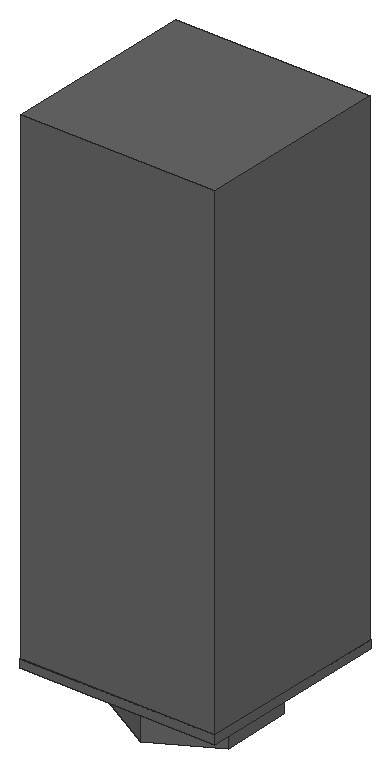
Revit family "LTC-4SQD-S", category Lighting Fixtures, host Face, Revit 2017
Family settings
  Host = Face
  Round Connector Dimension = Use Diameter
  Part Type = Normal
  OmniClass Number = 23.80.70.11.14.11
  OmniClass Title = Downlights
  Cut with Voids When Loaded = No
  Light Source = Yes
  Shared = Yes
  Room Calculation Point = No
Parameters (values of type "LTC-4SQD-S")
  Width = 5.57813"
  Wattage Comments = "8-25"  # constant formula
  Wattage = 25 W
  built-in parameter 1150110 = 1 (stored number, unit not read)
  Voltage = if(Is 120V, 120 V, 277 V)  # 120 V
  URL = "https://www.hubbell.com/prescolite/en"
  Type Comments = "Light Fxiture"  # constant formula
  built-in parameter 1114217 = 1 (stored number, unit not read)
  Tilt Angle = -90.00°
  built-in parameter 1150109 = 1 (stored number, unit not read)
  built-in parameter 1150134 = (empty or 0)
  built-in parameter 1150113 = 1 (stored number, unit not read)
  Reflector Finish = Paint - Hubbell - Carbon Black
  Recessed Canopy = yes
  Product Page URL = "https://www.hubbell.com/prescolite/en/Products/Lighting-Controls/Commercial-Indoor-Lighting/Cylinders/LITEISTRY-4-Square-Cylinder-wSpectraSync/p/3775896"
  Product Material = Paint - Hubbell - Carbon Black
  Product Documentation Link = "https://hubbellcdn.com/specsheet/LTC-4SQD%20SpectraSync.pdf"
  Photometric Web File = "LTC-4SQDPH-P-20L35K8MD-PM-S-BL.ies"
  Photometric Notes = "More IES files download on Photometric Web Link"  # constant formula
  Model = "LTC-4SQD"  # constant formula
  Manufacturer = "Prescolite"  # constant formula
  built-in parameter 1150105 = -6252400 (stored number, unit not read)
  Lumens = 2200 lm
  built-in parameter 1150115 = 1 (stored number, unit not read)
  Load Classification = Lighting
  built-in parameter 1150137 = (empty or 0)
  built-in parameter 1150139 = (empty or 0)
  built-in parameter 1150112 = 1 (stored number, unit not read)
  built-in parameter 1150114 = 1 (stored number, unit not read)
  Lamp = " LED's"  # constant formula
  Is 277V = not(Is 120V)  # no
  Is 120V = yes
  built-in parameter 1150132 = (empty or 0)
  built-in parameter 1150102 = (empty or 0)
  built-in parameter 1150107 = 3000 (stored number, unit not read)
  built-in parameter 1150138 = (empty or 0)
  built-in parameter 1150106 = -62524 (stored number, unit not read)
  Height = 14.00"
  Glass = Hubbell - White Glass
  Frequency = 60 Hz  # constant formula
  Features = "•\t4 inch architectural LED downlight cylinder delivering 600 - 1500 lm \r\n•\tFour beam distributions from 0.6 to 1.2 Spacing Criteria\r\n•\tQuiet reflector appearance with 50º optical cutoff \r\n•\tSpectraSync™ Color Tuning technology allows flexibility to tailor CCT to aesthetic preferences \r\n•\tAvailable in Dim To Warm (2200K-3000K) or Tunable White (2700K-5000K or 2700K-6500K), 90 CRI • Available in Surface, Wall, Pendant or Cable/Cord Mount configurations \r\n•\tVersatile canopy options for recessed and surface-mounted J-box applications \r\n•\tStandard with 0-10V dimming to 5%\r\n"  # constant formula
  Emit from Rectangle Width = Width  # 5.57813"
  Emit from Rectangle Length = Width  # 5.57813"
  Emit Shape Visible in Rendering = yes
  built-in parameter 1150104 = 8.1755 (stored number, unit not read)
  Dimming Lamp Color Temperature Shift = <None>
  Description = "LITEISTRY™ 4inch Square Cylinder Downlight"  # constant formula
  Default Elevation = 48.00"
  Contact Us = "https://www.hubbell.com/prescolite/en/contactUs"
  Connector Description = "Lighting Connector"  # constant formula
  Color Filter = 16777215
  Ceiling Thickness [instance] = 1.25"
  Cutout Radius = 3.125"
  Ceiling Cutout = Cutout Radius * 2  # 6.25"
  Canopy height = 0.25"
  Canopy Width = 5.60"
  built-in parameter 1114218 = 1 (stored number, unit not read)
  built-in parameter 1150133 = 10 (stored number, unit not read)
  Apparent Load = 52 VA
Types (3): name | Recessed Canopy | Canopy height | Canopy Width
  (no name) | yes | 0.25" | 5.60"
  LTC-4SQD-S | yes | 0.25" | 5.60"
  LTC-4SQD-SCC | no | 3.00" | 5.74"
Reference planes (in)
  plane 1 "Center (Front/Back)": y = 0
  plane 2: z = 0
  plane 3 "Center (Left/Right)": x = 0
  plane 4: z = -6
  plane 5: x = 2.8
  plane 6: x = -2.8
  plane 7: z = 0.25
  plane 8: y = -2.8
  plane 9: y = 2.8
  plane 10: z = 14.25
Forms (in)
  Extrusion 1, void
    sketch origin (0, 0, 0) x (1, 0, 0) y (0, 1, 0)
      loop
        circle (0, 0) r 3.125
    from -1.25 to 0
  Extrusion 2, solid, material "Paint - Hubbell - Carbon Black" <- "Product Material"
    sketch origin (0, 0, 0) x (1, 0, 0) y (0, 1, 0)
      loop
        line (-2.78906, 2.78906) -> (-2.78906, -2.78906) -> (2.78906, -2.78906) -> (2.78906, 2.78906) -> (-2.78906, 2.78906)
    from 0.25 to 14.25
  Extrusion 3, solid, material "Paint - Hubbell - Carbon Black" <- "Product Material"
    sketch origin (0, 0, 0) x (1, 0, 0) y (0, 0, 1)
      loop
        line (-2.8, 0) -> (2.8, 0) -> (2.8, 0.25) -> (-2.8, 0.25) -> (-2.8, 0)
    from -2.8 to 2.8
  Extrusion 4, solid, material "Paint - Hubbell - Carbon Black" <- "Product Material", visible <- "Recessed Canopy"
    sketch origin (0, 0, 0) x (1, 0, 0) y (0, 1, 0)
      loop
        line (-0.0006, -1.97592) -> (1.73145, -0.97592) -> (1.73145, 1.02408) -> (-0.0006, 2.02408) -> (-1.73265, 1.02408) -> (-1.73265, -0.97592) -> (-0.0006, -1.97592)
    from 0 to -1.27765
Dimensions and locks (in)
  "Canopy Width": plane 5 to plane 6
  equal spacing: plane 5, imposter light, plane 6
  "Canopy height": plane 7 to plane 2
  equal spacing: plane 5, plane 3 "Center (Left/Right)", plane 6
  "Canopy Width": plane 9 to plane 8
  equal spacing: plane 9, plane 1 "Center (Front/Back)", plane 8
  locked: plane 10 to plane 7 at 14
  "Cutout Radius": radius of Extrusion 1 sketch curve
  aligned and locked: plane 2 to host face
  aligned and locked: level to host face
  aligned and locked: level to Extrusion 1
  aligned and locked: plane 1 "Center (Front/Back)" to Extrusion 1 sketch curve
  aligned and locked: plane 3 "Center (Left/Right)" to Extrusion 1 sketch curve
  aligned and locked: Extrusion 3 sketch curve to host face
  aligned and locked: Extrusion 3 sketch curve to plane 6
  aligned and locked: Extrusion 3 sketch curve to plane 7
  aligned and locked: plane 5 to Extrusion 3 sketch curve
  aligned and locked: Extrusion 3 to plane 9
  aligned and locked: plane 8 to Extrusion 3
  aligned and locked: plane 7 to Extrusion 2
  aligned and locked: Extrusion 2 to plane 10
  aligned and locked: imposter light to plane 10
Automatic sketch dimensions
  host sketch curve to host sketch curve = 96.00"  (x2)
  plane 3 "Center (Left/Right)" to Extrusion 2 sketch curve = 2.78906"
  Extrusion 2 sketch curve to plane 3 "Center (Left/Right)" = 2.78906"
  plane 1 "Center (Front/Back)" to Extrusion 2 sketch curve = 2.78906"
  Extrusion 2 sketch curve to plane 1 "Center (Front/Back)" = 2.78906"
Connectors (in)
  electrical at (0, 0, 0), driven by "Connector Description", driven by "Voltage", driven by "Apparent Load", driven by "Load Classification"
    settings: on host face, index 1, voltage 120 V, apparent load 52 VA, apparent load phase1 0 VA, apparent load phase2 0 VA, apparent load phase3 0 VA, power factor 0.9, load classification "Lighting", number of poles 1, system type 30, power factor state 1, is connector primary yes, connector utility no, sub classification motor no, connector description "Lighting Connector"
